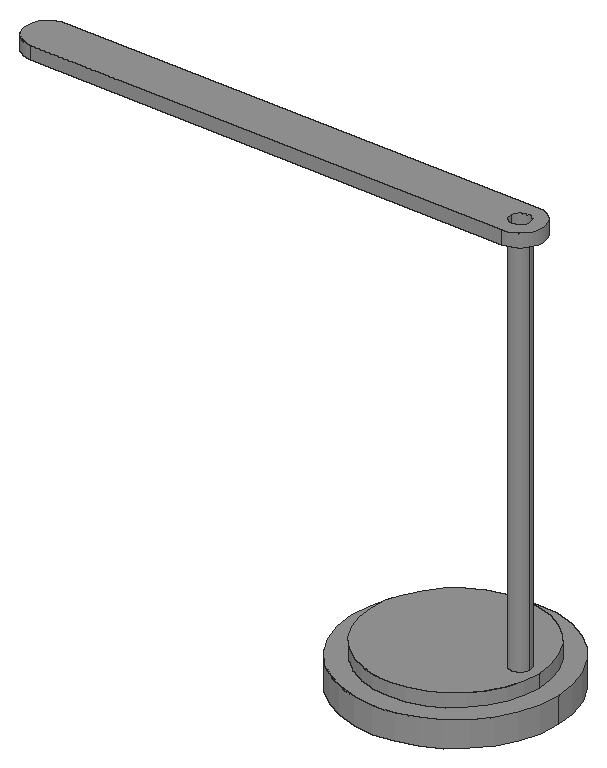
Revit family "Lampada", category Modelli generici, Revit 2013
Parameters
  LunghezzaLampada = 800 mm
  LarghezzaRiflettore = 70 mm
  DiametroBase = 320 mm
  AltezzaTOT = AltezzaAsta + AltezzaBase + 20 mm  # 680 mm
  AltezzaBase = 60 mm
  AltezzaAsta = 600 mm
Reference planes
  plane 1 "Centro (Fronte/Retro)": y = 0
  plane 2: z = 0
  plane 3 "Centro (Sinistra/Destra)": x = 0
  plane 4: z = 60
  plane 5 "Base luci": z = 660
  plane 6: y = 160
  plane 7: y = 35
  plane 8: y = -35
  plane 9: y = -160
  plane 10: x = -665
  plane 11: x = 135
Dimensions and locks
  equal spacing: plane 6, plane 1 "Centro (Fronte/Retro)", plane 9
  "DiametroBase": plane 6 to plane 9
  equal spacing: plane 7, plane 1 "Centro (Fronte/Retro)", plane 8
  "LarghezzaRiflettore": plane 7 to plane 8
  "LunghezzaLampada": plane 10 to plane 11
  locked: plane 3 "Centro (Sinistra/Destra)" to plane 11 at 135
  "AltezzaAsta": plane 5 "Base luci" to plane 4
  "AltezzaBase": plane 4 to level
  "AltezzaTOT": nested 3 to level
  aligned and locked: level to plane 2
  aligned and locked: plane 5 "Base luci" to nested 2
  aligned and locked: plane 7 to nested 3
  aligned and locked: plane 8 to nested 3
  aligned and locked: nested 3 to plane 5 "Base luci"
  aligned and locked: nested 2 to plane 4
  aligned and locked: plane 4 to nested 1
Nested families
  nested 1: "Base" at (0, 0, 0), type "Base"
  nested 2: "Asta" at (100, 0, 60), type "Asta"
  nested 3: "Riflettore" at (100, 0, 660), type "Riflettore"
  nested 4: "Luce" at (-773.293, 0, -840), type "Luce"
  nested 5: "Luce" at (-693.293, 0, -840), type "Luce"
  nested 6: "Luce" at (-614.513, 0, -840), type "Luce"
  nested 7: "Luce" at (-534.513, 0, -840), type "Luce"
  nested 8: "Luce" at (-454.513, 0, -840), type "Luce"
  nested 9: "Luce" at (-394.513, 0, -840), type "Luce"
  nested 10: "Luce" at (-334.513, 0, -840), type "Luce"
  nested 11: "Luce" at (-274.513, 0, -840), type "Luce"
  nested 12: "Luce" at (-214.513, 0, -840), type "Luce"
  nested 13: "Riflettore" at (100, 0, 660), type "Riflettore", not visible
  nested 14: "Luce" at (-773.293, 0, -840), type "Luce", not visible
  nested 15: "Luce" at (-693.293, 0, -840), type "Luce", not visible
  nested 16: "Luce" at (-614.513, 0, -840), type "Luce", not visible
  nested 17: "Luce" at (-534.513, 0, -840), type "Luce", not visible
  nested 18: "Luce" at (-454.513, 0, -840), type "Luce", not visible
  nested 19: "Luce" at (-394.513, 0, -840), type "Luce", not visible
  nested 20: "Luce" at (-334.513, 0, -840), type "Luce", not visible
  nested 21: "Luce" at (-274.513, 0, -840), type "Luce", not visible
  nested 22: "Luce" at (-214.513, 0, -840), type "Luce", not visible
Definition of nested family "Base"
  Parameters (values of type "Base")
    RaggioPiccolo = RaggioGrande - 30 mm  # 130 mm
    RaggioGrande = Diametro / 2  # 160 mm
    Default Elevation = 1219.2 mm
    Diametro = 320 mm
    Altezza Base = 60 mm
  Reference planes
    plane 1 "Centro (Fronte/Retro)": y = 0
    plane 2: z = 0
    plane 3 "Centro (Sinistra/Destra)": x = 0
    plane 4: z = 40
    plane 5: z = 60
    plane 6: x = -160
    plane 7: x = 160
  Forms (mm)
    Extrusion 1, solid
      sketch origin (0, 0, 0) x (1, 0, 0) y (0, 1, 0)
        loop
          line (-1219.2, 1219.2) -> (-1219.2, -1219.2) -> (1219.2, -1219.2) -> (1219.2, 1219.2) -> (-1219.2, 1219.2)
      from 0 to -304.8
    Extrusion 2, solid, material "Alluminio 7075"
      sketch origin (0, 0, 0) x (1, 0, 0) y (0, 1, 0)
        loop
          circle (0, 0) r 160
      from 0 to 40
    Extrusion 3, solid, material "Alluminio 7075"
      sketch origin (0, 0, 0) x (1, 0, 0) y (0, 1, 0)
        loop
          circle (0, 0) r 130
      from 40 to 60
  Dimensions and locks
    plane 4 to Extrusion 1 = 40 mm
    locked: plane 5 to plane 4 at 20
    equal spacing: plane 6, plane 3 "Centro (Sinistra/Destra)", plane 7
    "Diametro": plane 6 to plane 7
    "Altezza Base": Extrusion 1 to plane 5
    "RaggioGrande": radius of Extrusion 2 sketch curve
    "RaggioPiccolo": radius of Extrusion 3 sketch curve
    aligned and locked: plane 2 to Extrusion 1
    aligned and locked: level to Extrusion 1
    aligned and locked: plane 4 to Extrusion 2
    aligned and locked: Extrusion 3 to Extrusion 2
    aligned and locked: plane 5 to Extrusion 3
  Automatic sketch dimensions
    Extrusion 1 sketch curve to Extrusion 1 sketch curve = 2438.4 mm  (x2)
    plane 1 "Centro (Fronte/Retro)" to Extrusion 2 sketch curve = 0 mm
    Extrusion 2 sketch curve to plane 3 "Centro (Sinistra/Destra)" = 0 mm
    plane 1 "Centro (Fronte/Retro)" to Extrusion 3 sketch curve = 0 mm
    Extrusion 3 sketch curve to plane 3 "Centro (Sinistra/Destra)" = 0 mm
Definition of nested family "Asta"
  Parameters (values of type "Asta")
    Raggio = Diametro / 2  # 15 mm
    Default Elevation = 1219.2 mm
    Diametro = 30 mm
    Altezza = 600 mm
  Reference planes
    plane 1 "Centro (Fronte/Retro)": y = 0
    plane 2: z = 0
    plane 3 "Centro (Sinistra/Destra)": x = 0
    plane 4: z = 600
  Forms (mm)
    Extrusion 1, solid
      sketch origin (0, 0, 0) x (1, 0, 0) y (0, 1, 0)
        loop
          line (-1219.2, 1219.2) -> (-1219.2, -1219.2) -> (1219.2, -1219.2) -> (1219.2, 1219.2) -> (-1219.2, 1219.2)
      from 0 to -304.8
    Extrusion 2, solid, material "Alluminio 7075"
      sketch origin (0, 0, 0) x (1, 0, 0) y (0, 1, 0)
        loop
          circle (0, 0) r 15
      from 0 to 600
  Dimensions and locks
    "Altezza": plane 4 to plane 2
    "Raggio": radius of Extrusion 2 sketch curve
    aligned and locked: plane 2 to Extrusion 1
    aligned and locked: level to Extrusion 1
    aligned and locked: plane 4 to Extrusion 2
  Automatic sketch dimensions
    Extrusion 1 sketch curve to Extrusion 1 sketch curve = 2438.4 mm  (x2)
    plane 1 "Centro (Fronte/Retro)" to Extrusion 2 sketch curve = 0 mm
    Extrusion 2 sketch curve to plane 3 "Centro (Sinistra/Destra)" = 0 mm
Definition of nested family "Riflettore"
  Parameters (values of type "Riflettore")
    Spessore = 20 mm
    RaggioBuco = 15 mm
    Raggio = 35 mm
    Default Elevation = 1219.2 mm
    Lunghezza = 800 mm
    Larghezza = 70 mm
  Reference planes
    plane 1 "Centro (Fronte/Retro)": y = 0
    plane 2: z = 0
    plane 3 "Centro (Sinistra/Destra)": x = 0
    plane 4: y = 35
    plane 5: y = -35
    plane 6: z = 20
    plane 7: x = -765
    plane 8: x = 35
  Forms (mm)
    Extrusion 1, solid
      sketch origin (0, 0, 0) x (1, 0, 0) y (0, 1, 0)
        loop
          line (-1219.2, 1219.2) -> (-1219.2, -1219.2) -> (1219.2, -1219.2) -> (1219.2, 1219.2) -> (-1219.2, 1219.2)
      from 0 to -304.8
    Extrusion 2, solid, material "Alluminio 7075"
      sketch origin (-280, 0, 0) x (1, 0, 0) y (0, 1, 0)
        loop
          arc (-450, 35) -> (-485, 0) -> (-450, -35) r 35
          line (-450, -35) -> (280, -35)
          arc (280, -35) -> (315, 0) -> (280, 35) r 35
          line (280, 35) -> (-450, 35)
      from 0 to 20
    Extrusion 3, void
      sketch origin (-280, 0, 0) x (1, 0, 0) y (0, 1, 0)
        loop
          circle (280, 0) r 15
      from 0 to 20
  Cuts and joins
    Extrusion 3 cuts Extrusion 2
  Dimensions and locks
    equal spacing: plane 4, plane 1 "Centro (Fronte/Retro)", plane 5
    "Larghezza": plane 4 to plane 5
    "Spessore": plane 6 to plane 2
    "Lunghezza": plane 7 to plane 8
    locked: plane 3 "Centro (Sinistra/Destra)" to plane 8 at 35
    "Raggio": radius of Extrusion 2 sketch curve
    "RaggioBuco": radius of Extrusion 3 sketch curve
    aligned and locked: plane 2 to Extrusion 1
    aligned and locked: level to Extrusion 1
    aligned and locked: plane 6 to Extrusion 2
    aligned and locked: plane 6 to Extrusion 3
    aligned and locked: plane 4 to cut or joined group of Extrusion 2, Extrusion 3
    aligned and locked: plane 5 to cut or joined group of Extrusion 2, Extrusion 3
  Automatic sketch dimensions
    Extrusion 1 sketch curve to Extrusion 1 sketch curve = 2438.4 mm  (x2)
    Extrusion 2 sketch curve to plane 5 = 0 mm
    Extrusion 2 sketch curve to plane 3 "Centro (Sinistra/Destra)" = 0 mm
    plane 7 to Extrusion 2 sketch curve = 35 mm
    plane 1 "Centro (Fronte/Retro)" to Extrusion 3 sketch curve = 0 mm
    Extrusion 3 sketch curve to plane 3 "Centro (Sinistra/Destra)" = 0 mm
Definition of nested family "Luce"
  Parameters (values of type "Luce")
    Wattage = 10.0982 W
    built-in parameter 1150110 = 1 (stored number, unit not read)
    built-in parameter 1150142 = "IESNA:LM-63-2002\r\n[TEST] 32724_NN_LL1 - 35007\r\n[MANUFAC] REGGIANI\r\n[LUMCAT] 32724.NN\r\n[LUMINAIRE] SPLED 10W_NN_LED_2x24°_www.reggiani.net/32724.NN\r\n[TESTLAB] REGGIANI\r\n[ISSUEDATE] 17 Feb 2012\r\n[FLASHAREA] 0.000524\r\n[LAMPCAT] LED 10W_NN\r\n[LAMP] LED 10W_NN\r\nTILT=NONE\r\n1 1000.00 1.0 51 9 1 2 -0.050 -0.050 0.001\r\n1.00 1.00 10.00\r\n0.00 0.50 1.00 1.50 2.00 2.50 3.00 3.50 4.00 4.50 5.00 \r\n6.00 7.00 8.00 9.00 10.00 11.00 12.00 13.00 14.00 15.00 \r\n17.50 20.00 22.50 25.00 27.50 30.00 32.50 35.00 37.50 \r\n40.00 42.50 45.00 47.50 50.00 52.50 55.00 57.50 60.00 \r\n62.50 65.00 67.50 70.00 72.50 75.00 77.50 80.00 82.50 \r\n85.00 87.50 90.00 \r\n0.00 45.00 90.00 135.00 180.00 225.00 270.00 315.00 \r\n360.00 \r\n987.38 987.38 987.85 989.26 990.20 990.20 988.78 985.97 \r\n982.69 979.88 978.47 975.18 965.32 954.06 941.86 926.85 \r\n899.62 865.37 832.85 802.01 771.08 684.13 602.52 531.19 \r\n468.63 406.91 351.40 307.85 258.77 202.83 147.74 101.55 \r\n73.49 60.68 51.29 43.88 37.92 32.94 28.58 24.59 21.02 \r\n17.78 14.74 11.92 9.29 6.71 4.51 2.62 1.08 0.33 0.19 \r\n998.64 999.58 1000.52 1001.93 1004.74 1007.56 1010.85 \r\n1011.31 1010.85 1009.43 1008.02 1002.40 994.89 981.75 \r\n962.51 953.73 913.04 882.22 847.34 811.68 778.40 680.84 \r\n601.30 529.96 459.71 395.18 339.20 295.60 251.96 198.09 \r\n144.02 95.79 69.22 55.14 44.67 36.37 30.18 25.20 21.11 \r\n17.74 14.87 12.29 10.00 7.93 6.10 4.45 2.91 1.69 0.75 \r\n0.42 0.19 \r\n1001.46 1004.27 1008.02 1013.19 1016.48 1017.88 1017.88 \r\n1017.88 1017.88 1019.77 1019.77 1012.26 1001.46 988.32 \r\n964.85 936.23 909.94 879.91 843.41 808.20 769.96 684.13 \r\n604.35 522.46 451.69 396.45 351.40 307.81 259.42 203.48 \r\n145.72 101.97 79.31 66.26 55.99 48.06 41.67 36.09 31.59 \r\n27.31 23.23 19.38 15.87 12.48 9.34 6.62 4.13 2.12 0.85 \r\n0.37 0.23 \r\n989.72 993.01 994.89 995.83 996.29 997.70 1000.52 1001.93 \r\n1002.40 1000.52 997.70 989.26 980.81 969.08 949.37 921.17 \r\n892.45 862.92 829.00 795.21 760.01 672.63 593.41 520.48 \r\n455.45 391.71 337.09 294.71 246.84 194.85 143.75 99.26 \r\n72.13 58.00 47.31 38.58 31.72 26.42 21.96 18.40 15.35 \r\n12.67 10.28 8.17 6.24 4.41 3.00 1.73 0.79 0.37 0.23 \r\n967.20 966.26 964.85 962.97 960.63 958.75 957.82 955.00 \r\n951.72 948.43 945.15 934.82 923.09 911.36 896.80 879.91 \r\n858.80 828.85 795.35 762.83 733.96 653.62 578.92 512.51 \r\n452.62 392.46 335.07 289.97 242.10 189.40 139.42 97.47 \r\n73.49 61.24 51.48 43.74 37.50 32.05 27.64 23.70 20.18 \r\n16.95 13.94 11.12 8.63 6.28 4.22 2.49 1.08 0.37 0.14 \r\n961.56 956.88 951.24 945.15 943.37 934.35 929.80 924.87 \r\n919.76 914.41 909.34 897.70 883.30 869.40 856.68 836.97 \r\n816.09 792.25 768.98 743.07 716.51 644.47 571.87 509.31 \r\n450.89 396.18 338.30 286.69 237.27 182.70 132.01 91.18 \r\n67.82 54.11 43.55 35.67 29.47 24.64 20.61 17.55 14.83 \r\n12.44 10.28 8.30 6.57 4.93 3.47 2.16 1.22 0.42 0.14 \r\n962.04 955.94 947.50 940.45 935.75 932.01 927.78 922.15 \r\n916.05 909.01 903.85 894.46 880.85 864.90 847.07 828.29 \r\n808.58 789.90 766.63 736.68 709.98 641.70 572.49 502.80 \r\n441.51 394.06 346.29 295.60 246.23 187.53 129.05 92.54 \r\n73.77 61.76 52.56 45.00 38.95 33.98 29.76 25.85 22.38 \r\n18.86 15.62 12.58 9.86 7.28 5.02 3.05 1.50 0.52 0.23 \r\n968.61 967.20 965.32 962.04 957.82 953.12 947.50 943.74 \r\n941.39 939.98 937.83 929.37 915.86 900.56 885.26 869.03 \r\n847.82 821.81 795.35 768.23 737.43 658.13 581.87 519.92 \r\n459.44 400.92 341.59 292.65 241.41 187.57 135.16 91.32 \r\n64.99 52.05 42.51 34.77 29.01 24.27 20.51 17.27 14.60 \r\n12.20 10.09 8.17 6.38 4.78 3.43 2.12 1.04 0.42 0.23 \r\n987.38 987.38 987.85 989.26 990.20 990.20 988.78 985.97 \r\n982.69 979.88 978.47 975.18 965.32 954.06 941.86 926.85 \r\n899.62 865.37 832.85 802.01 771.08 684.13 602.52 531.19 \r\n468.63 406.91 351.40 307.85 258.77 202.83 147.74 101.55 \r\n73.49 60.68 51.29 43.88 37.92 32.94 28.58 24.59 21.02 \r\n17.78 14.74 11.92 9.29 6.71 4.51 2.62 1.08 0.33 0.19 \r\n"
    Photometric Web File = "32724_10W_NN_6_2012.IES"
    built-in parameter 1114217 = 1 (stored number, unit not read)
    built-in parameter 1150109 = 1 (stored number, unit not read)
    built-in parameter 1150134 = 11
    built-in parameter 1150113 = 1 (stored number, unit not read)
    Lumens = 1500 lm
    built-in parameter 1150115 = 1 (stored number, unit not read)
    built-in parameter 1150105 = 119.37 (stored number, unit not read)
    built-in parameter 1150137 = (empty or 0)
    built-in parameter 1150139 = (empty or 0)
    built-in parameter 1150112 = 1 (stored number, unit not read)
    built-in parameter 1150114 = 1 (stored number, unit not read)
    built-in parameter 1150132 = 2
    built-in parameter 1150102 = (empty or 0)
    built-in parameter 1150138 = (empty or 0)
    built-in parameter 1150107 = 4150 (stored number, unit not read)
    built-in parameter 1150106 = 1.1937 (stored number, unit not read)
    built-in parameter 1150104 = 13.8 (stored number, unit not read)
    Dimming Lamp Color Temperature Shift = (empty or 0)
    Color Filter = 16777215
    built-in parameter 1114218 = 1 (stored number, unit not read)
    Tilt Angle = 60.00°
    built-in parameter 1150133 = 10 (stored number, unit not read)
  Reference planes
    plane 1 "Asse sorgente illuminazione (F/B)": y = 0
    plane 2: z = 0
    plane 3 "Asse sorgente illuminazione (L/R)": x = 0
    plane 4 "Prospetto sorgente di illuminazione": z = 1500
  Dimensions and locks
    aligned and locked: plane 4 "Prospetto sorgente di illuminazione" to imposter light
    aligned and locked: level to plane 2
